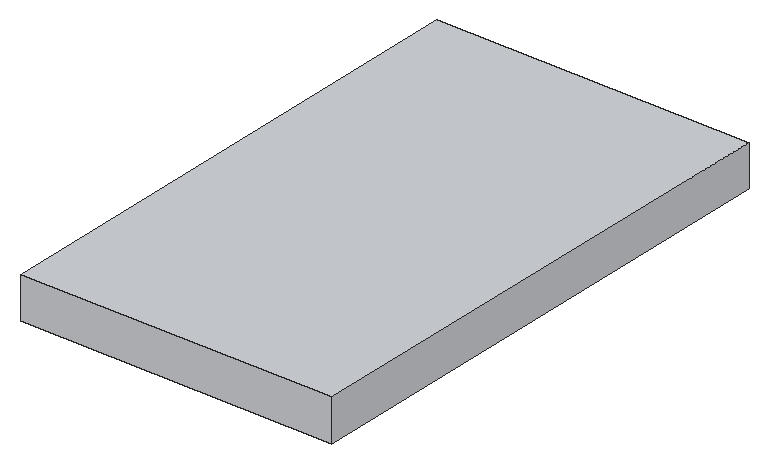
Revit family "道路基于中心线", category 结构框架, Revit 2016
Family settings
  显示在隐藏视图中 = 被其他构件隐藏的边缘
  横断面形状 = 矩形
  用于模型行为的材质 = 混凝土
  始终导出为几何图形 = 否
  OmniClass 编号 = 23.25.30.11.14.14
  OmniClass 标题 = Beams
  总是垂直 = 是
  加载时剪切的空心 = 否
  符号表示法 = 从族
  共享 = 否
  在平面视图中显示族的预剪切 = 是
Parameters
  Length [instance] = 3000 mm
  道路宽度 = 5000 mm
  道路厚度 = 400 mm
Reference planes
  plane 1 "中心(前/后)": y = 0
  plane 2 "中心标高": z = 0
  plane 3 "中心(左/右)": x = 0
  plane 4 "左": x = -1500
  plane 5 "右": x = 1500
  plane 6: y = 2500
  plane 7: y = -2500
  plane 8: z = -400
Forms (mm)
  Sweep 1, solid
    path origin (0, 0, 0) x (1, 0, 0) y (0, 1, 0)
      loop
        line (-1500, 0) -> (1500, 0)
    profile origin (0, 0, 0) x (0, 1, 0) y (0, 0, 1)
      loop
        line (-2500, 0) -> (-2500, -400) -> (2500, -400) -> (2500, 0) -> (-2500, 0)
Lines and regions (mm)
  model lines, style "单线示意符号", detail levels coarse
    curve 1: line (-1500, 0, 0) -> (1500, 0, 0)
Dimensions and locks
  equal spacing: plane 4 "左", plane 3 "中心(左/右)", plane 5 "右"
  "Length": plane 4 "左" to plane 5 "右"
  equal spacing: plane 6, plane 1 "中心(前/后)", plane 7
  "道路宽度": plane 6 to plane 7
  "道路厚度": plane 2 "中心标高" to plane 8
  aligned and locked: plane 1 "中心(前/后)" to curve 1
  aligned and locked: level to plane 2 "中心标高"
  aligned and locked: plane 4 "左" to Sweep 1 sketch curve
  aligned and locked: plane 5 "右" to Sweep 1 sketch curve
  aligned and locked: Sweep 1 sketch curve to plane 7
  aligned and locked: Sweep 1 sketch curve to plane 6
  aligned and locked: plane 8 to Sweep 1 sketch curve
  aligned and locked: plane 5 "右" to curve 1
  aligned and locked: plane 4 "左" to curve 1
Automatic sketch dimensions
  plane 1 "中心(前/后)" to Sweep 1 sketch curve = 0 mm
  Sweep 1 sketch curve to level = 0 mm
